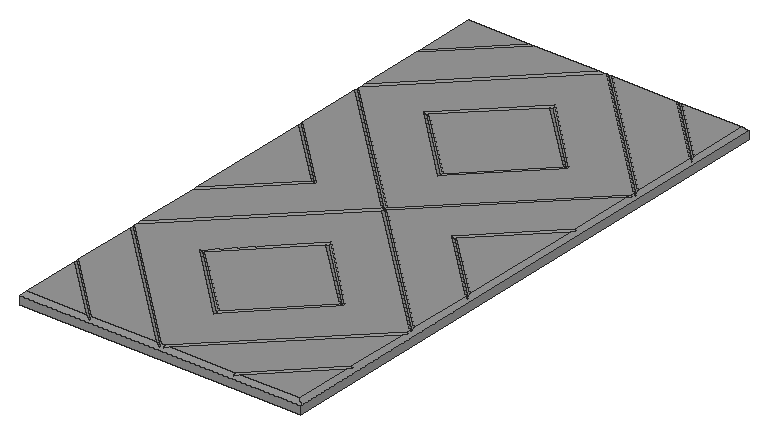
Revit family "ASKEW-2X4", category Generic Models, Revit 2025
Family settings
  Can host rebar = No
  Round Connector Dimension = Use Diameter
  Part Type = Normal
  Work Plane-Based = No
  Always vertical = Yes
  Cut with Voids When Loaded = No
  Maintain Annotation Orientation = No
  Shared = No
  Room Calculation Point = No
Parameters (values of type "STANDARD - CUSTOM PAINTED")
  URL = "https://www.acousticalsurfaces.com/envirocoustic-wood-wool/designs/"
  Thickness = 0' - 1"
  Material = "Envirocoustic Wood Wool"
  Manufacturer = "Acoustical Surfaces, Inc."
  Finish = Custom Painted
  Default Elevation = 0' - 0"
  Backer Thickness = 0' - 1"
  Backer = no
Types (9): name | Finish | Backer Thickness | Backer
  STANDARD - CUSTOM PAINTED | Custom Painted | 0' - 1" | no
  STANDARD - PRIMED WHITE | Primed White | 0' - 1" | no
  STANDARD - PRIMED CLEAR | Primed Clear | 0' - 1" | no
  2 INCH CFAB BACKER - PRIMED WHITE | Primed White | 0' - 2" | yes
  1 INCH CFAB BACKER - PRIMED WHITE | Primed White | 0' - 1" | yes
  2 INCH CFAB BACKER - PRIMED CLEAR | Primed Clear | 0' - 2" | yes
  1 INCH CFAB BACKER - PRIMED CLEAR | Primed Clear | 0' - 1" | yes
  2 INCH CFAB BACKER - CUSTOM PAINTED | Custom Painted | 0' - 2" | yes
  1 INCH CFAB BACKER - CUSTOM PAINTED | Custom Painted | 0' - 1" | yes
Reference planes (in)
  plane 1 "Center (Front/Back)": y = 0
  plane 2: z = 0
  plane 3 "Center (Left/Right)": x = 0
  plane 4: x = -12
  plane 5: x = 12
  plane 6: y = 24
  plane 7: y = -24
  plane 8: z = 1
  plane 9: z = -1
Forms (in)
  Extrusion 1, solid, material "Custom Painted" <- "Finish"
    sketch origin (0, 0, 0) x (1, 0, 0) y (0, 1, 0)
      loop
        line (12, 24) -> (-12, 24) -> (-12, -24) -> (12, -24) -> (12, 24)
    from 0 to 1
  Sweep 2, void
    path in 3D
      loop
        line (12, 24, 1) -> (-12, 24, 1) -> (-12, -24, 1) -> (12, -24, 1) -> (12, 24, 1)
    profile "Triangle : Family2" origin (12, 0, 1) x (-1, 0, 0) y (0, 0, 1)
      loop
        line (0, 0) -> (0, -0.315) -> (0.315, 0) -> (0, 0)
  Extrusion 3, solid, visible <- "Backer"
    sketch origin (0, 0, 0) x (1, 0, 0) y (0, 1, 0)
      loop
        line (12, 24) -> (-12, 24) -> (-12, -24) -> (12, -24) -> (12, 24)
    from 0 to -1
  Sweep 4, void
    path origin (0, 0, 1) x (1, 0, 0) y (0, 1, 0)
      loop
        line (6.00002, 24) -> (12.00002, 18)
    profile "Groove : Family2" origin (9.00002, 21, 1) x (0.707107, 0.707107, 0) y (0, 0, 1)
      loop
        line (-0.1575, 0) -> (0, -0.1575) -> (0.1575, 0) -> (-0.1575, 0)
  Sweep 5, void
    path origin (0, 0, 1) x (1, 0, 0) y (0, 1, 0)
      loop
        line (12, 12) -> (0, 24) -> (-12, 12) -> (12, -12) -> (0, -24) -> (-12, -12)
    profile "Groove : Family2" origin (6, 18, 1) x (-0.707107, -0.707107, 0) y (0, 0, 1)
      loop
        line (-0.1575, 0) -> (0, -0.1575) -> (0.1575, 0) -> (-0.1575, 0)
  Sweep 6, void
    path origin (0, 0, 1) x (1, 0, 0) y (0, 1, 0)
      loop
        line (-12, -12) -> (12, 12)
    profile "Groove : Family2" origin (0, 0, 1) x (-0.707107, 0.707107, 0) y (0, 0, 1)
      loop
        line (-0.1575, 0) -> (0, -0.1575) -> (0.1575, 0) -> (-0.1575, 0)
  Sweep 7, void
    path origin (0, 0, 1) x (1, 0, 0) y (0, 1, 0)
      loop
        line (0, 18) -> (-6, 12) -> (0, 6) -> (6, 12) -> (0, 18)
    profile "Groove : Family2" origin (3, 15, 1) x (0.707107, 0.707107, 0) y (0, 0, 1)
      loop
        line (-0.1575, 0) -> (0, -0.1575) -> (0.1575, 0) -> (-0.1575, 0)
  Sweep 8, void
    path origin (0, 0, 1) x (1, 0, 0) y (0, 1, 0)
      loop
        line (12, 6) -> (6, 0) -> (12, -6)
    profile "Groove : Family2" origin (9, 3, 1) x (0.707107, -0.707107, 0) y (0, 0, 1)
      loop
        line (-0.1575, 0) -> (0, -0.1575) -> (0.1575, 0) -> (-0.1575, 0)
  Sweep 9, void
    path origin (0, 0, 1) x (1, 0, 0) y (0, 1, 0)
      loop
        line (-12, 6) -> (-6, 0) -> (-12, -6)
    profile "Groove : Family2" origin (-9, 3, 1) x (0.707107, 0.707107, 0) y (0, 0, 1)
      loop
        line (-0.1575, 0) -> (0, -0.1575) -> (0.1575, 0) -> (-0.1575, 0)
  Sweep 10, void
    path origin (0, 0, 1) x (1, 0, 0) y (0, 1, 0)
      loop
        line (-6.00002, 24) -> (-12.00002, 18)
    profile "Groove : Family2" origin (-9.00002, 21, 1) x (0.707107, -0.707107, 0) y (0, 0, 1)
      loop
        line (-0.1575, 0) -> (0, -0.1575) -> (0.1575, 0) -> (-0.1575, 0)
  Sweep 11, void
    path origin (0, 0, 1) x (1, 0, 0) y (0, 1, 0)
      loop
        line (12, -18) -> (6.00002, -24)
    profile "Groove : Family2" origin (9.00001, -21, 1) x (0.707108, -0.707106, 0) y (0, 0, 1)
      loop
        line (-0.1575, 0) -> (0, -0.1575) -> (0.1575, 0) -> (-0.1575, 0)
  Sweep 12, void
    path origin (0, 0, 1) x (1, 0, 0) y (0, 1, 0)
      loop
        line (-12, -18) -> (-6.00002, -24)
    profile "Groove : Family2" origin (-9.00001, -21, 1) x (0.707108, 0.707106, 0) y (0, 0, 1)
      loop
        line (-0.1575, 0) -> (0, -0.1575) -> (0.1575, 0) -> (-0.1575, 0)
  Sweep 13, void
    path origin (0, 0, 1) x (1, 0, 0) y (0, 1, 0)
      loop
        line (6, -12) -> (0, -6) -> (-6, -12) -> (0, -18) -> (6, -12)
    profile "Groove : Family2" origin (3, -9, 1) x (-0.707107, -0.707107, 0) y (0, 0, 1)
      loop
        line (-0.1575, 0) -> (0, -0.1575) -> (0.1575, 0) -> (-0.1575, 0)
Cuts and joins
  Sweep 2, Sweep 4, Sweep 5, Sweep 6, Sweep 7, Sweep 8, Sweep 9, Sweep 10, Sweep 11, Sweep 12, Sweep 13 cuts Extrusion 1
Lines and regions (in)
  sketch lines
    curve 1: line (12, -24, 1) -> (12, 24, 1)
    curve 2: line (-12, -24, 1) -> (12, -24, 1)
    curve 3: line (-12, 24, 1) -> (-12, -24, 1)
    curve 4: line (12, 24, 1) -> (-12, 24, 1)
Dimensions and locks (in)
  equal spacing: plane 4, plane 3 "Center (Left/Right)", plane 5
  equal spacing: plane 7, plane 1 "Center (Front/Back)", plane 6
  plane 7 to plane 6 = 4' - 0"
  locked: plane 4 to plane 5 at 24
  "Thickness": plane 8 to level
  "Backer Thickness": level to plane 9
  aligned and locked: level to plane 2
  aligned and locked: Extrusion 1 sketch curve to plane 4
  aligned and locked: plane 5 to Extrusion 1 sketch curve
  aligned and locked: Extrusion 1 sketch curve to plane 6
  aligned and locked: Extrusion 1 sketch curve to plane 7
  aligned and locked: Extrusion 1 to plane 8
  aligned and locked: Extrusion 3 sketch curve to plane 4
  aligned and locked: plane 5 to Extrusion 3 sketch curve
  aligned and locked: Extrusion 3 sketch curve to plane 6
  aligned and locked: Extrusion 3 sketch curve to plane 7
  aligned and locked: plane 9 to Extrusion 3
Automatic sketch dimensions
  Sweep 5 sketch curve to Extrusion 1 = 0' - 0"  (x5)
  Sweep 5 sketch curve to Extrusion 1 = 1' - 0"  (x5)
  Extrusion 1 to Sweep 5 sketch curve = 0' - 0"
  Sweep 7 sketch curve to Extrusion 1 = 1' - 0"
  Sweep 7 sketch curve to Extrusion 1 = 0' - 6"  (x2)
  Sweep 7 sketch curve to Sweep 7 sketch curve = 0' - 6"  (x2)
  Sweep 8 sketch curve to Extrusion 1 = 0' - 0"  (x2)
  Sweep 8 sketch curve to Extrusion 1 = 0' - 6"
  Sweep 8 sketch curve to Extrusion 1 = 2' - 0"
  Sweep 8 sketch curve to Sweep 8 sketch curve = 0' - 6"
  Sweep 9 sketch curve to Extrusion 1 = 0' - 0"  (x2)
  Sweep 9 sketch curve to Extrusion 1 = 0' - 6"
  Sweep 9 sketch curve to Extrusion 1 = 2' - 0"
  Sweep 9 sketch curve to Sweep 9 sketch curve = 0' - 6"
  Sweep 13 sketch curve to Extrusion 1 = 1' - 0"
  Sweep 13 sketch curve to Sweep 13 sketch curve = 0' - 6"  (x2)
  Sweep 13 sketch curve to Extrusion 1 = 0' - 6"  (x2)
